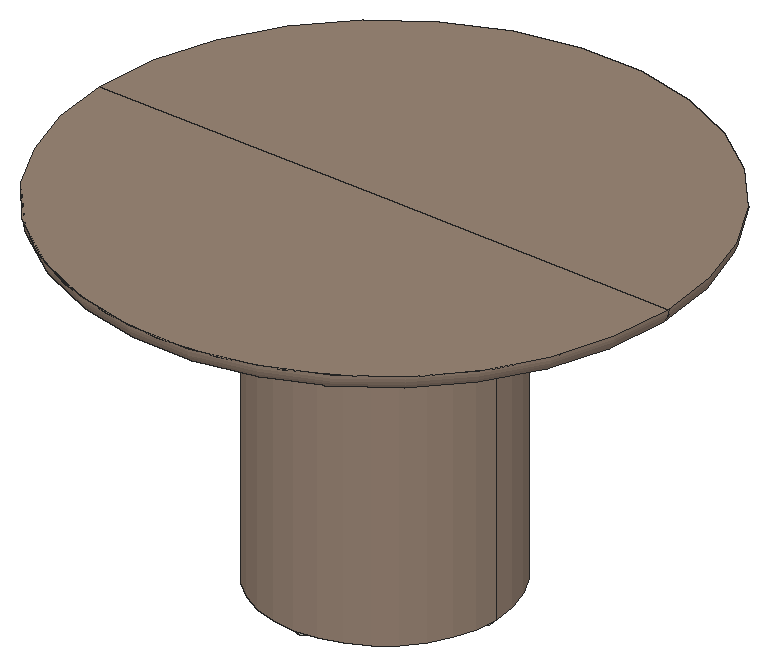
Revit family "Table-Teknion-CFRHBD_Figure_Table_Round_Drum_Base_Half_Bullnose_Edge-R2023", category Furniture, Revit 2023
Family settings
  OmniClass Number = 23.40.20.00
  OmniClass Title = General Furniture and Specialties
  Work Plane-Based = No
  Enable Cutting in Views = No
  Always vertical = Yes
  Cut with Voids When Loaded = No
  Render Appearance Source = Family Geometry
  Shared = Yes
  Room Calculation Point = No
Parameters (values of type "Figure Table, Round, Drum Base, Half Bullnose Edge")
  Width [instance] = 48.000"
  Warranty = "http://www.teknion.com/ca/papers/legal-canada"
  Unit Weight URL = "http://www.teknion.com/ca/tools/assets#&asset=bee6a381-b954-425e-8283-5a2de3a804f2,f828d448-4b62-4231-9e5f-9a8991c0ed77"
  URL = "www.teknion.com"
  Top Finish [instance] = Veneer -Teknion - UU - Rustic Oak - Sierra
  To render please download texture images found here [instance] = "https://assets.teknion.com/web/5e81352c1dfdb467/revit-material-swatches/"
  Sustainability Data = "https://www.teknion.com/ca/tools/assets#&topic=216f99a5-57a0-44fc-b10a-9dee9b29ae4c&asset=444deb64-fe58-4b68-981e-f75e97781df7,b4ff2d81-9f2e-437d-9659-7cffb09c31cf"
  Surface Power Access [instance] = if(Width > 75.000", "Select one option for surface power access. AB are not available for selected width.", if(Width = 48.000", "Only NN available for selected width.", "Select one option for surface power access. AF are not available for selected width."))  # "Only NN available for selected width."
  Series = "Custom Wood Boardroom & Reception Tables"  # constant formula
  Product Page URL = "https://www.teknion.com/ca/products/product-details?productLineId=f182336e-8e7a-673b-a6c8-ff00004460c4"
  Product Line = "Figure Table"  # constant formula
  Product Documentation Link = "https://d2r72yk5wmppdj.cloudfront.net/m/7b6608f508e3c5a8/Community_Table_Cut_Sheet.pdf"
  Part Number = "CFRHBD"  # constant formula
  NN - None [instance] = not((or([AB - 7" Compact Access Door], [AF - 12" Standard Access Door])))  # yes
  Model = "CFRHBD__"
  Manufacturer Phone = "416-661-3370"  # constant formula
  Manufacturer Fax = "416.661.4586"  # constant formula
  Manufacturer Contact Information = "http://www.teknion.com/ca/contactus"
  Manufacturer Address = "1150 Flint Road, Toronto, ON. M3J 2J5. Canada"  # constant formula
  Manufacturer = "Teknion"  # constant formula
  How To Use Teknion Materials User Guide [instance] = "https://assets.teknion.com/m/205dd0a49fa58060/original/How-to-add-a-Material-Library-and-Texture-Images-to-your-Revit-project.pdf"
  Glide Finish [instance] = Paint - Teknion - Foundation - Sand
  For Additional Finishes please visit [instance] = "https://assets.teknion.com/m/44a8009b046e5d47/original/Teknion_Materials_Library.zip"
  Dim 2 [instance] = if([2 - AB], 6.000", if(Width = 90.000", 15.000", if(Width = 84.000", 12.000", 9.000")))  # 9.000"
  Dim 1 [instance] = if((or(Width = 48.000", Width = 54.000")), 14.500", if((or(Width = 84.000", Width = 90.000")), 20.500", 17.500"))  # 14.500"
  Description = "Figure Table, Round, Drum Base, Half Bullnose Edge"
  Default Elevation = 0.000"
  Cut-Out - AF [instance] = if([AF - 12" Standard Access Door], 5.000", 0.300")  # 0.300"
  Cut-Out - AB 2 [instance] = if([2 - AB], 4.000", 0.300")  # 0.300"
  Cut-Out - AB 1 [instance] = if([1 - AB], 4.000", 0.300")  # 0.300"
  Base Finish [instance] = Veneer -Teknion - UU - Rustic Oak - Sierra
  Available Width [instance] = "48, 54, 60, 66, 72, 78, 84 & 90 Inch"  # constant formula
  Assembly Code = "E2020200"
  Access Door Finish [instance] = Paint - Teknion - Foundation - Sand
  AF - 12" Standard Access Door [instance] = no
  AB - 7" Compact Access Door [instance] = no
  2 - AB [instance] = and((or(Width = 66.000", Width = 72.000")), [AB - 7" Compact Access Door])  # no
  1 - AB [instance] = and((or(Width = 54.000", Width = 60.000")), [AB - 7" Compact Access Door])  # no
Reference planes (in)
  plane 1 "Center Front/Back": y = 0
  plane 2: z = 0
  plane 3 "Center Left/Right": x = 0
  plane 4 "Left": x = -24
  plane 5 "Right": x = 24
  plane 6 "Back": y = 24
  plane 7 "Front": y = -24
  plane 8 "Top": z = 29
  plane 9: y = 9
  plane 10: y = -9
  plane 11: z = 27.5
  plane 12: z = 26.75197
  plane 13: y = 9.5
  plane 14: y = -9.5
  plane 15: x = 9.5
  plane 16: x = -9.5
Forms (in)
  Revolve 1, solid, material "Veneer -Teknion - UU - Rustic Oak - Sierra" <- "Top Finish"
    sketch origin (0, 0, 0) x (1, 0, 0) y (0, 0, 1)
      loop
        line (0, 29) -> (0, 27.5) -> (22.5, 27.5)
        arc (22.5, 27.5) -> (23.56066, 27.93934) -> (24, 29) r 1.5
        line (24, 29) -> (0, 29)
      axis (0, 29) -> (0, 27.5)
    angle from 0 to 360
  Revolve 2, solid, material "Veneer -Teknion - UU - Rustic Oak - Sierra" <- "Top Finish"
    sketch origin (0, 0, 0) x (1, 0, 0) y (0, 0, 1)
      loop
        line (0, 27.5) -> (0, 26.75197) -> (16, 26.75197) -> (16, 27.5) -> (0, 27.5)
      axis (0, 27.5) -> (0, 26.75197)
    angle from 0 to 360
  Revolve 3, solid, material "Veneer -Teknion - UU - Rustic Oak - Sierra" <- "Base Finish"
    sketch origin (0, 0, 0) x (1, 0, 0) y (0, 0, 1)
      loop
        line (9.25, 26.75197) -> (9.25, 0.5) -> (9.5, 0.5) -> (9.5, 26.75197) -> (9.25, 26.75197)
      axis (0, 26.75197) -> (0, 0.5)
    angle from 0 to 360
  Revolve 4, solid, material "Veneer -Teknion - UU - Rustic Oak - Sierra" <- "Base Finish"
    sketch origin (0, 0, 0) x (1, 0, 0) y (0, 0, 1)
      loop
        line (5.25, 0.5) -> (9.25, 0.5) -> (9.25, 1.25) -> (5.25, 1.25) -> (5.25, 0.5)
      loop
        line (5.25, 13.25) -> (9.25, 13.25) -> (9.25, 14) -> (5.25, 14) -> (5.25, 13.25)
      loop
        line (5.25, 26) -> (9.25, 26) -> (9.25, 26.75) -> (5.25, 26.75) -> (5.25, 26)
      axis (0, 26.75) -> (0, 0.5)
    angle from 0 to 360
  Sweep 5, solid, material "Paint - Teknion - Foundation - Sand" <- "Glide Finish"
    path origin (0, 0, 0) x (1, 0, 0) y (0, 0, 1)
      loop
        line (0, 0.5) -> (0, 0.25)
    profile origin (0, 0, 0.375) x (0, -1, 0) y (1, 0, 0)
      loop
        line (-8.8125, 0.18042) -> (-8.8125, -0.18042) -> (-8.5, -0.36084) -> (-8.1875, -0.18042) -> (-8.1875, 0.18042) -> (-8.5, 0.36084) -> (-8.8125, 0.18042)
      loop
        line (8.1875, 0.18042) -> (8.1875, -0.18042) -> (8.5, -0.36084) -> (8.8125, -0.18042) -> (8.8125, 0.18042) -> (8.5, 0.36084) -> (8.1875, 0.18042)
      loop
        line (0.18042, -8.1875) -> (-0.18042, -8.1875) -> (-0.36084, -8.5) -> (-0.18042, -8.8125) -> (0.18042, -8.8125) -> (0.36084, -8.5) -> (0.18042, -8.1875)
      loop
        line (0.18042, 8.8125) -> (-0.18042, 8.8125) -> (-0.36084, 8.5) -> (-0.18042, 8.1875) -> (0.18042, 8.1875) -> (0.36084, 8.5) -> (0.18042, 8.8125)
  Sweep 6, solid, material "Paint - Teknion - Foundation - Sand" <- "Glide Finish"
    path origin (0, 0, 0) x (1, 0, 0) y (0, 0, 1)
      loop
        line (0, 0.25) -> (0, 0)
    profile origin (0, 0, 0.125) x (0, -1, 0) y (1, 0, 0)
      loop
        circle (0, -8.5) r 0.5
      loop
        circle (0, 8.5) r 0.5
      loop
        circle (-8.5, 0) r 0.5
      loop
        circle (8.5, 0) r 0.5
  Sweep 7, void
    path origin (0, 0, 0) x (1, 0, 0) y (0, 0, 1)
      loop
        line (0, 32.19606) -> (0, 32.49606)
    profile origin (0, 0, 32.34606) x (-1, 0, 0) y (0, -1, 0)
      loop
        line (-5.91732, 11.29921) -> (-5.91732, 6.70079)
        arc (-5.91732, 6.70079) -> (-5.80201, 6.4224) -> (-5.52362, 6.30709) r 0.3937
        line (-5.52362, 6.30709) -> (5.52362, 6.30709)
        arc (5.52362, 6.30709) -> (5.80201, 6.4224) -> (5.91732, 6.70079) r 0.3937
        line (5.91732, 6.70079) -> (5.91732, 11.29921)
        arc (5.91732, 11.29921) -> (5.80201, 11.5776) -> (5.52362, 11.69291) r 0.3937
        line (5.52362, 11.69291) -> (-5.52362, 11.69291)
        arc (-5.52362, 11.69291) -> (-5.80201, 11.5776) -> (-5.91732, 11.29921) r 0.3937
      loop
        line (-5.91732, -6.70079) -> (-5.91732, -11.29921)
        arc (-5.91732, -11.29921) -> (-5.80201, -11.5776) -> (-5.52362, -11.69291) r 0.3937
        line (-5.52362, -11.69291) -> (5.52362, -11.69291)
        arc (5.52362, -11.69291) -> (5.80201, -11.5776) -> (5.91732, -11.29921) r 0.3937
        line (5.91732, -11.29921) -> (5.91732, -6.70079)
        arc (5.91732, -6.70079) -> (5.80201, -6.4224) -> (5.52362, -6.30709) r 0.3937
        line (5.52362, -6.30709) -> (-5.52362, -6.30709)
        arc (-5.52362, -6.30709) -> (-5.80201, -6.4224) -> (-5.91732, -6.70079) r 0.3937
  Sweep 8, void
    path origin (0, 0, 0) x (1, 0, 0) y (0, 0, 1)
      loop
        line (0, 22.79606) -> (0, 22.49606)
    profile origin (0, 0, 22.64606) x (0, -1, 0) y (1, 0, 0)
      loop
        line (5.25, 8) -> (5.25, -8)
        arc (5.25, -8) -> (5.39645, -8.35355) -> (5.75, -8.5) r 0.5
        line (5.75, -8.5) -> (12.25, -8.5)
        arc (12.25, -8.5) -> (12.60355, -8.35355) -> (12.75, -8) r 0.5
        line (12.75, -8) -> (12.75, 8)
        arc (12.75, 8) -> (12.60355, 8.35355) -> (12.25, 8.5) r 0.5
        line (12.25, 8.5) -> (5.75, 8.5)
        arc (5.75, 8.5) -> (5.39645, 8.35355) -> (5.25, 8) r 0.5
      loop
        line (-5.25, -8) -> (-5.25, 8)
        arc (-5.25, 8) -> (-5.39645, 8.35355) -> (-5.75, 8.5) r 0.5
        line (-5.75, 8.5) -> (-12.25, 8.5)
        arc (-12.25, 8.5) -> (-12.60355, 8.35355) -> (-12.75, 8) r 0.5
        line (-12.75, 8) -> (-12.75, -8)
        arc (-12.75, -8) -> (-12.60355, -8.35355) -> (-12.25, -8.5) r 0.5
        line (-12.25, -8.5) -> (-5.75, -8.5)
        arc (-5.75, -8.5) -> (-5.39645, -8.35355) -> (-5.25, -8) r 0.5
  Sweep 9, void
    path origin (0, 0, 0) x (1, 0, 0) y (0, 0, 1)
      loop
        line (0, 31.2) -> (0, 31.5)
    profile origin (0, 0, 31.35) x (-1, 0, 0) y (0, -1, 0)
      loop
        line (3.00394, 2.69291) -> (-3.00394, 2.69291)
        arc (-3.00394, 2.69291) -> (-3.28233, 2.5776) -> (-3.39764, 2.29921) r 0.3937
        line (-3.39764, 2.29921) -> (-3.39764, -2.29921)
        arc (-3.39764, -2.29921) -> (-3.28233, -2.5776) -> (-3.00394, -2.69291) r 0.3937
        line (-3.00394, -2.69291) -> (3.00394, -2.69291)
        arc (3.00394, -2.69291) -> (3.28233, -2.5776) -> (3.39764, -2.29921) r 0.3937
        line (3.39764, -2.29921) -> (3.39764, 2.29921)
        arc (3.39764, 2.29921) -> (3.28233, 2.5776) -> (3.00394, 2.69291) r 0.3937
  Sweep 10, void
    path origin (0, 0, 0) x (1, 0, 0) y (0, 0, 1)
      loop
        line (0, 23.8) -> (0, 23.5)
    profile origin (0, 0, 23.65) x (0, -1, 0) y (1, 0, 0)
      loop
        arc (-3.25, 6) -> (-3.60355, 5.85355) -> (-3.75, 5.5) r 0.5
        line (-3.75, 5.5) -> (-3.75, -5.5)
        arc (-3.75, -5.5) -> (-3.60355, -5.85355) -> (-3.25, -6) r 0.5
        line (-3.25, -6) -> (3.25, -6)
        arc (3.25, -6) -> (3.60355, -5.85355) -> (3.75, -5.5) r 0.5
        line (3.75, -5.5) -> (3.75, 5.5)
        arc (3.75, 5.5) -> (3.60355, 5.85355) -> (3.25, 6) r 0.5
        line (3.25, 6) -> (-3.25, 6)
  Sweep 11, void
    path origin (0, 0, 0) x (1, 0, 0) y (0, 0, 1)
      loop
        line (0, 31.5) -> (0, 31.2)
    profile origin (0, 0, 31.35) x (0, -1, 0) y (1, 0, 0)
      loop
        line (6.30709, 3.00394) -> (6.30709, -3.00394)
        arc (6.30709, -3.00394) -> (6.4224, -3.28233) -> (6.70079, -3.39764) r 0.3937
        line (6.70079, -3.39764) -> (11.29921, -3.39764)
        arc (11.29921, -3.39764) -> (11.5776, -3.28233) -> (11.69291, -3.00394) r 0.3937
        line (11.69291, -3.00394) -> (11.69291, 3.00394)
        arc (11.69291, 3.00394) -> (11.5776, 3.28233) -> (11.29921, 3.39764) r 0.3937
        line (11.29921, 3.39764) -> (6.70079, 3.39764)
        arc (6.70079, 3.39764) -> (6.4224, 3.28233) -> (6.30709, 3.00394) r 0.3937
      loop
        arc (-6.30709, 3.00394) -> (-6.4224, 3.28233) -> (-6.70079, 3.39764) r 0.3937
        line (-6.70079, 3.39764) -> (-11.29921, 3.39764)
        arc (-11.29921, 3.39764) -> (-11.5776, 3.28233) -> (-11.69291, 3.00394) r 0.3937
        line (-11.69291, 3.00394) -> (-11.69291, -3.00394)
        arc (-11.69291, -3.00394) -> (-11.5776, -3.28233) -> (-11.29921, -3.39764) r 0.3937
        line (-11.29921, -3.39764) -> (-6.70079, -3.39764)
        arc (-6.70079, -3.39764) -> (-6.4224, -3.28233) -> (-6.30709, -3.00394) r 0.3937
        line (-6.30709, -3.00394) -> (-6.30709, 3.00394)
  Sweep 12, void
    path origin (0, 0, 0) x (1, 0, 0) y (0, 0, 1)
      loop
        line (0, 23.5) -> (0, 23.8)
    profile origin (0, 0, 23.65) x (-1, 0, 0) y (0, -1, 0)
      loop
        line (-6, 12.25) -> (-6, 5.75)
        arc (-6, 5.75) -> (-5.85355, 5.39645) -> (-5.5, 5.25) r 0.5
        line (-5.5, 5.25) -> (5.5, 5.25)
        arc (5.5, 5.25) -> (5.85355, 5.39645) -> (6, 5.75) r 0.5
        line (6, 5.75) -> (6, 12.25)
        arc (6, 12.25) -> (5.85355, 12.60355) -> (5.5, 12.75) r 0.5
        line (5.5, 12.75) -> (-5.5, 12.75)
        arc (-5.5, 12.75) -> (-5.85355, 12.60355) -> (-6, 12.25) r 0.5
      loop
        arc (-6, -12.25) -> (-5.85355, -12.60355) -> (-5.5, -12.75) r 0.5
        line (-5.5, -12.75) -> (5.5, -12.75)
        arc (5.5, -12.75) -> (5.85355, -12.60355) -> (6, -12.25) r 0.5
        line (6, -12.25) -> (6, -5.75)
        arc (6, -5.75) -> (5.85355, -5.39645) -> (5.5, -5.25) r 0.5
        line (5.5, -5.25) -> (-5.5, -5.25)
        arc (-5.5, -5.25) -> (-5.85355, -5.39645) -> (-6, -5.75) r 0.5
        line (-6, -5.75) -> (-6, -12.25)
Cuts and joins
  joined: Sweep 5, Sweep 6
  Sweep 7, Sweep 9, Sweep 11 cuts Revolve 1
  Sweep 8, Sweep 10, Sweep 12 cuts Revolve 2
  joined: Revolve 1, Revolve 2
Lines and regions (in)
  Masking region 1, visible <- "NN - None"
    outline origin (0, 0, 0) x (1, 0, 0) y (0, 1, 0)
      loop
        circle (0, 0) r 24
  Masking region 2, visible <- "1 - AB"
    outline origin (0, 0, 0) x (1, 0, 0) y (0, 1, 0)
      loop
        circle (0, 0) r 24
      loop
        arc (3.0315, 1.96727) -> (3.11414, 1.93304) -> (3.14837, 1.85039) r 0.11687
        line (3.14837, 1.85039) -> (3.14837, 1.55173) -> (3.22045, 1.55173) -> (3.22045, 2.28346)
        arc (3.22045, 2.28346) -> (3.15242, 2.4477) -> (2.98819, 2.51573) r 0.23226
        line (2.98819, 2.51573) -> (-2.98819, 2.51573)
        arc (-2.98819, 2.51573) -> (-3.15242, 2.4477) -> (-3.22045, 2.28346) r 0.23226
        line (-3.22045, 2.28346) -> (-3.22045, 1.55173) -> (-3.14837, 1.55173) -> (-3.14837, 1.85039)
        arc (-3.14837, 1.85039) -> (-3.11414, 1.93304) -> (-3.0315, 1.96727) r 0.11687
        line (-3.0315, 1.96727) -> (3.0315, 1.96727)
      loop
        arc (-3.0315, -1.96727) -> (-3.11414, -1.93304) -> (-3.14837, -1.85039) r 0.11687
        line (-3.14837, -1.85039) -> (-3.14837, -1.55173) -> (-3.22045, -1.55173) -> (-3.22045, -2.28346)
        arc (-3.22045, -2.28346) -> (-3.15242, -2.4477) -> (-2.98819, -2.51573) r 0.23226
        line (-2.98819, -2.51573) -> (2.98819, -2.51573)
        arc (2.98819, -2.51573) -> (3.15242, -2.4477) -> (3.22045, -2.28346) r 0.23226
        line (3.22045, -2.28346) -> (3.22045, -1.55173) -> (3.14837, -1.55173) -> (3.14837, -1.85039)
        arc (3.14837, -1.85039) -> (3.11414, -1.93304) -> (3.0315, -1.96727) r 0.11687
        line (3.0315, -1.96727) -> (-3.0315, -1.96727)
  Masking region 3, visible <- "AF - 12" Standard Access Door"
    outline origin (0, 0, 0) x (1, 0, 0) y (0, 1, 0)
      loop
        circle (0, 0) r 24
      loop
        arc (-5.55118, -10.96727) -> (-5.63382, -10.93304) -> (-5.66805, -10.85039) r 0.11687
        line (-5.66805, -10.85039) -> (-5.66805, -10.55173) -> (-5.74014, -10.55173) -> (-5.74014, -11.28346)
        arc (-5.74014, -11.28346) -> (-5.67211, -11.4477) -> (-5.50787, -11.51573) r 0.23226
        line (-5.50787, -11.51573) -> (5.50787, -11.51573)
        arc (5.50787, -11.51573) -> (5.67211, -11.4477) -> (5.74014, -11.28346) r 0.23226
        line (5.74014, -11.28346) -> (5.74014, -10.55173) -> (5.66805, -10.55173) -> (5.66805, -10.85039)
        arc (5.66805, -10.85039) -> (5.63382, -10.93304) -> (5.55118, -10.96727) r 0.11687
        line (5.55118, -10.96727) -> (-5.55118, -10.96727)
      loop
        arc (-5.50787, -6.48427) -> (-5.67211, -6.5523) -> (-5.74014, -6.71654) r 0.23226
        line (-5.74014, -6.71654) -> (-5.74014, -7.44827) -> (-5.66805, -7.44827) -> (-5.66805, -7.14961)
        arc (-5.66805, -7.14961) -> (-5.63382, -7.06696) -> (-5.55118, -7.03273) r 0.11687
        line (-5.55118, -7.03273) -> (5.55118, -7.03273)
        arc (5.55118, -7.03273) -> (5.63382, -7.06696) -> (5.66805, -7.14961) r 0.11687
        line (5.66805, -7.14961) -> (5.66805, -7.44827) -> (5.74014, -7.44827) -> (5.74014, -6.71654)
        arc (5.74014, -6.71654) -> (5.67211, -6.5523) -> (5.50787, -6.48427) r 0.23226
        line (5.50787, -6.48427) -> (-5.50787, -6.48427)
      loop
        arc (5.55118, 10.96727) -> (5.63382, 10.93304) -> (5.66805, 10.85039) r 0.11687
        line (5.66805, 10.85039) -> (5.66805, 10.55173) -> (5.74014, 10.55173) -> (5.74014, 11.28346)
        arc (5.74014, 11.28346) -> (5.67211, 11.4477) -> (5.50787, 11.51573) r 0.23226
        line (5.50787, 11.51573) -> (-5.50787, 11.51573)
        arc (-5.50787, 11.51573) -> (-5.67211, 11.4477) -> (-5.74014, 11.28346) r 0.23226
        line (-5.74014, 11.28346) -> (-5.74014, 10.55173) -> (-5.66805, 10.55173) -> (-5.66805, 10.85039)
        arc (-5.66805, 10.85039) -> (-5.63382, 10.93304) -> (-5.55118, 10.96727) r 0.11687
        line (-5.55118, 10.96727) -> (5.55118, 10.96727)
      loop
        arc (-5.55118, 7.03273) -> (-5.63382, 7.06696) -> (-5.66805, 7.14961) r 0.11687
        line (-5.66805, 7.14961) -> (-5.66805, 7.44827) -> (-5.74014, 7.44827) -> (-5.74014, 6.71654)
        arc (-5.74014, 6.71654) -> (-5.67211, 6.5523) -> (-5.50787, 6.48427) r 0.23226
        line (-5.50787, 6.48427) -> (5.50787, 6.48427)
        arc (5.50787, 6.48427) -> (5.67211, 6.5523) -> (5.74014, 6.71654) r 0.23226
        line (5.74014, 6.71654) -> (5.74014, 7.44827) -> (5.66805, 7.44827) -> (5.66805, 7.14961)
        arc (5.66805, 7.14961) -> (5.63382, 7.06696) -> (5.55118, 7.03273) r 0.11687
        line (5.55118, 7.03273) -> (-5.55118, 7.03273)
  Masking region 4, visible <- "2 - AB"
    outline origin (0, 0, 0) x (1, 0, 0) y (0, 1, 0)
      loop
        circle (0, 0) r 24
      loop
        arc (3.0315, 10.96727) -> (3.11414, 10.93304) -> (3.14837, 10.85039) r 0.11687
        line (3.14837, 10.85039) -> (3.14837, 10.55173) -> (3.22045, 10.55173) -> (3.22045, 11.28346)
        arc (3.22045, 11.28346) -> (3.15242, 11.4477) -> (2.98819, 11.51573) r 0.23226
        line (2.98819, 11.51573) -> (-2.98819, 11.51573)
        arc (-2.98819, 11.51573) -> (-3.15242, 11.4477) -> (-3.22045, 11.28346) r 0.23226
        line (-3.22045, 11.28346) -> (-3.22045, 10.55173) -> (-3.14837, 10.55173) -> (-3.14837, 10.85039)
        arc (-3.14837, 10.85039) -> (-3.11414, 10.93304) -> (-3.0315, 10.96727) r 0.11687
        line (-3.0315, 10.96727) -> (3.0315, 10.96727)
      loop
        arc (-3.0315, 7.03273) -> (-3.11414, 7.06696) -> (-3.14837, 7.14961) r 0.11687
        line (-3.14837, 7.14961) -> (-3.14837, 7.44827) -> (-3.22045, 7.44827) -> (-3.22045, 6.71654)
        arc (-3.22045, 6.71654) -> (-3.15242, 6.5523) -> (-2.98819, 6.48427) r 0.23226
        line (-2.98819, 6.48427) -> (2.98819, 6.48427)
        arc (2.98819, 6.48427) -> (3.15242, 6.5523) -> (3.22045, 6.71654) r 0.23226
        line (3.22045, 6.71654) -> (3.22045, 7.44827) -> (3.14837, 7.44827) -> (3.14837, 7.14961)
        arc (3.14837, 7.14961) -> (3.11414, 7.06696) -> (3.0315, 7.03273) r 0.11687
        line (3.0315, 7.03273) -> (-3.0315, 7.03273)
      loop
        arc (3.0315, -7.03273) -> (3.11414, -7.06696) -> (3.14837, -7.14961) r 0.11687
        line (3.14837, -7.14961) -> (3.14837, -7.44827) -> (3.22045, -7.44827) -> (3.22045, -6.71654)
        arc (3.22045, -6.71654) -> (3.15242, -6.5523) -> (2.98819, -6.48427) r 0.23226
        line (2.98819, -6.48427) -> (-2.98819, -6.48427)
        arc (-2.98819, -6.48427) -> (-3.15242, -6.5523) -> (-3.22045, -6.71654) r 0.23226
        line (-3.22045, -6.71654) -> (-3.22045, -7.44827) -> (-3.14837, -7.44827) -> (-3.14837, -7.14961)
        arc (-3.14837, -7.14961) -> (-3.11414, -7.06696) -> (-3.0315, -7.03273) r 0.11687
        line (-3.0315, -7.03273) -> (3.0315, -7.03273)
      loop
        arc (-3.0315, -10.96727) -> (-3.11414, -10.93304) -> (-3.14837, -10.85039) r 0.11687
        line (-3.14837, -10.85039) -> (-3.14837, -10.55173) -> (-3.22045, -10.55173) -> (-3.22045, -11.28346)
        arc (-3.22045, -11.28346) -> (-3.15242, -11.4477) -> (-2.98819, -11.51573) r 0.23226
        line (-2.98819, -11.51573) -> (2.98819, -11.51573)
        arc (2.98819, -11.51573) -> (3.15242, -11.4477) -> (3.22045, -11.28346) r 0.23226
        line (3.22045, -11.28346) -> (3.22045, -10.55173) -> (3.14837, -10.55173) -> (3.14837, -10.85039)
        arc (3.14837, -10.85039) -> (3.11414, -10.93304) -> (3.0315, -10.96727) r 0.11687
        line (3.0315, -10.96727) -> (-3.0315, -10.96727)
  symbolic lines
    curve 1: line (0, -109.46563, 26.75197) -> (0, -109.46563, 30.75197)
    curve 2: line (0, -117.46563, 29) -> (0, -117.46563, 31.25)
  symbolic lines, style "FurnitureHiddenLines", visible <- "1 - AB", detail levels fine
    curve 3: line (5.5, 3.75, 0) -> (-5.5, 3.75, 0)
    curve 4: arc (-5.5, 3.75, 0) -> (-5.85355, 3.60355, 0) -> (-6, 3.25, 0) r 0.5
    curve 5: line (-6, 3.25, 0) -> (-6, -3.25, 0)
    curve 6: arc (-6, -3.25, 0) -> (-5.85355, -3.60355, 0) -> (-5.5, -3.75, 0) r 0.5
    curve 7: line (-5.5, -3.75, 0) -> (5.5, -3.75, 0)
    curve 8: arc (5.5, -3.75, 0) -> (5.85355, -3.60355, 0) -> (6, -3.25, 0) r 0.5
    curve 9: line (6, -3.25, 0) -> (6, 3.25, 0)
    curve 10: arc (6, 3.25, 0) -> (5.85355, 3.60355, 0) -> (5.5, 3.75, 0) r 0.5
    curve 11: line (3.00394, 2.69291, 0) -> (-3.00394, 2.69291, 0)
    curve 12: arc (-3.00394, 2.69291, 0) -> (-3.28233, 2.5776, 0) -> (-3.39764, 2.29921, 0) r 0.3937
    curve 13: line (-3.39764, 2.29921, 0) -> (-3.39764, -2.29921, 0)
    curve 14: arc (-3.39764, -2.29921, 0) -> (-3.28233, -2.5776, 0) -> (-3.00394, -2.69291, 0) r 0.3937
    curve 15: line (-3.00394, -2.69291, 0) -> (3.00394, -2.69291, 0)
    curve 16: arc (3.00394, -2.69291, 0) -> (3.28233, -2.5776, 0) -> (3.39764, -2.29921, 0) r 0.3937
    curve 17: line (3.39764, -2.29921, 0) -> (3.39764, 2.29921, 0)
    curve 18: arc (3.39764, 2.29921, 0) -> (3.28233, 2.5776, 0) -> (3.00394, 2.69291, 0) r 0.3937
  symbolic lines, style "FurnitureHiddenLines", visible <- "AF - 12" Standard Access Door", detail levels fine
    curve 19: line (-8, -12.75, 0) -> (8, -12.75, 0)
    curve 20: arc (8, -12.75, 0) -> (8.35355, -12.60355, 0) -> (8.5, -12.25, 0) r 0.5
    curve 21: line (8.5, -12.25, 0) -> (8.5, -5.75, 0)
    curve 22: arc (8.5, -5.75, 0) -> (8.35355, -5.39645, 0) -> (8, -5.25, 0) r 0.5
    curve 23: line (8, -5.25, 0) -> (-8, -5.25, 0)
    curve 24: arc (-8, -5.25, 0) -> (-8.35355, -5.39645, 0) -> (-8.5, -5.75, 0) r 0.5
    curve 25: line (-8.5, -5.75, 0) -> (-8.5, -12.25, 0)
    curve 26: arc (-8.5, -12.25, 0) -> (-8.35355, -12.60355, 0) -> (-8, -12.75, 0) r 0.5
    curve 27: line (5.52362, -6.30709, 0) -> (-5.52362, -6.30709, 0)
    curve 28: arc (-5.52362, -6.30709, 0) -> (-5.80201, -6.4224, 0) -> (-5.91732, -6.70079, 0) r 0.3937
    curve 29: line (-5.91732, -6.70079, 0) -> (-5.91732, -11.29921, 0)
    curve 30: arc (-5.91732, -11.29921, 0) -> (-5.80201, -11.5776, 0) -> (-5.52362, -11.69291, 0) r 0.3937
    curve 31: line (-5.52362, -11.69291, 0) -> (5.52362, -11.69291, 0)
    curve 32: arc (5.52362, -11.69291, 0) -> (5.80201, -11.5776, 0) -> (5.91732, -11.29921, 0) r 0.3937
    curve 33: line (5.91732, -11.29921, 0) -> (5.91732, -6.70079, 0)
    curve 34: arc (5.91732, -6.70079, 0) -> (5.80201, -6.4224, 0) -> (5.52362, -6.30709, 0) r 0.3937
    curve 35: line (-8, 5.25, 0) -> (8, 5.25, 0)
    curve 36: arc (8, 5.25, 0) -> (8.35355, 5.39645, 0) -> (8.5, 5.75, 0) r 0.5
    curve 37: line (8.5, 5.75, 0) -> (8.5, 12.25, 0)
    curve 38: arc (8.5, 12.25, 0) -> (8.35355, 12.60355, 0) -> (8, 12.75, 0) r 0.5
    curve 39: line (8, 12.75, 0) -> (-8, 12.75, 0)
    curve 40: arc (-8, 12.75, 0) -> (-8.35355, 12.60355, 0) -> (-8.5, 12.25, 0) r 0.5
    curve 41: line (-8.5, 12.25, 0) -> (-8.5, 5.75, 0)
    curve 42: arc (-8.5, 5.75, 0) -> (-8.35355, 5.39645, 0) -> (-8, 5.25, 0) r 0.5
    curve 43: line (-5.52362, 6.30709, 0) -> (5.52362, 6.30709, 0)
    curve 44: arc (5.52362, 6.30709, 0) -> (5.80201, 6.4224, 0) -> (5.91732, 6.70079, 0) r 0.3937
    curve 45: line (5.91732, 6.70079, 0) -> (5.91732, 11.29921, 0)
    curve 46: arc (5.91732, 11.29921, 0) -> (5.80201, 11.5776, 0) -> (5.52362, 11.69291, 0) r 0.3937
    curve 47: line (5.52362, 11.69291, 0) -> (-5.52362, 11.69291, 0)
    curve 48: arc (-5.52362, 11.69291, 0) -> (-5.80201, 11.5776, 0) -> (-5.91732, 11.29921, 0) r 0.3937
    curve 49: line (-5.91732, 11.29921, 0) -> (-5.91732, 6.70079, 0)
    curve 50: arc (-5.91732, 6.70079, 0) -> (-5.80201, 6.4224, 0) -> (-5.52362, 6.30709, 0) r 0.3937
  symbolic lines, style "FurnitureHiddenLines", detail levels medium+fine
    curve 51: arc (16, 0, 0) -> (0, 16, 0) -> (-16, 0, 0) r 16
    curve 52: arc (-16, 0, 0) -> (0, -16, 0) -> (16, 0, 0) r 16
    curve 53: arc (9.5, 0, 0) -> (0, 9.5, 0) -> (-9.5, 0, 0) r 9.5
    curve 54: arc (9.25, 0, 0) -> (0, 9.25, 0) -> (-9.25, 0, 0) r 9.25
    curve 55: arc (-9.25, 0, 0) -> (0, -9.25, 0) -> (9.25, 0, 0) r 9.25
    curve 56: arc (-9.5, 0, 0) -> (0, -9.5, 0) -> (9.5, 0, 0) r 9.5
    curve 57: arc (5.25, 0, 0) -> (0, 5.25, 0) -> (-5.25, 0, 0) r 5.25
    curve 58: arc (-5.25, 0, 0) -> (0, -5.25, 0) -> (5.25, 0, 0) r 5.25
  symbolic lines, style "FurnitureHiddenLines", detail levels fine
    curve 59: arc (-8, 0, 0) -> (-8.5, 0.5, 0) -> (-9, 0, 0) r 0.5
    curve 60: arc (-9, 0, 0) -> (-8.5, -0.5, 0) -> (-8, 0, 0) r 0.5
    curve 61: arc (9, 0, 0) -> (8.5, 0.5, 0) -> (8, 0, 0) r 0.5
    curve 62: arc (8, 0, 0) -> (8.5, -0.5, 0) -> (9, 0, 0) r 0.5
    curve 63: arc (0, -9, 0) -> (0.5, -8.5, 0) -> (0, -8, 0) r 0.5
    curve 64: arc (0, -8, 0) -> (-0.5, -8.5, 0) -> (0, -9, 0) r 0.5
    curve 65: arc (0, 8, 0) -> (0.5, 8.5, 0) -> (0, 9, 0) r 0.5
    curve 66: arc (0, 9, 0) -> (-0.5, 8.5, 0) -> (0, 8, 0) r 0.5
  reference lines
    curve 67: line (-24, 24, 0) -> (24, 24, 0)
    curve 68: line (24, 24, 0) -> (24, -24, 0)
    curve 69: line (-24, -24, 0) -> (24, -24, 0)
    curve 70: line (-24, 24, 0) -> (-24, -24, 0)
  symbolic lines, style "FurnitureHiddenLines", visible <- "2 - AB", detail levels fine
    curve 71: line (-6, 12.25, 0) -> (-6, 5.75, 0)
    curve 72: arc (-6, 5.75, 0) -> (-5.85355, 5.39645, 0) -> (-5.5, 5.25, 0) r 0.5
    curve 73: line (-5.5, 5.25, 0) -> (5.5, 5.25, 0)
    curve 74: arc (5.5, 5.25, 0) -> (5.85355, 5.39645, 0) -> (6, 5.75, 0) r 0.5
    curve 75: line (6, 5.75, 0) -> (6, 12.25, 0)
    curve 76: arc (6, 12.25, 0) -> (5.85355, 12.60355, 0) -> (5.5, 12.75, 0) r 0.5
    curve 77: line (5.5, 12.75, 0) -> (-5.5, 12.75, 0)
    curve 78: arc (-5.5, 12.75, 0) -> (-5.85355, 12.60355, 0) -> (-6, 12.25, 0) r 0.5
    curve 79: line (-3.39764, 11.29921, 0) -> (-3.39764, 6.70079, 0)
    curve 80: arc (-3.39764, 6.70079, 0) -> (-3.28233, 6.4224, 0) -> (-3.00394, 6.30709, 0) r 0.3937
    curve 81: line (-3.00394, 6.30709, 0) -> (3.00394, 6.30709, 0)
    curve 82: arc (3.00394, 6.30709, 0) -> (3.28233, 6.4224, 0) -> (3.39764, 6.70079, 0) r 0.3937
    curve 83: line (3.39764, 6.70079, 0) -> (3.39764, 11.29921, 0)
    curve 84: arc (3.39764, 11.29921, 0) -> (3.28233, 11.5776, 0) -> (3.00394, 11.69291, 0) r 0.3937
    curve 85: line (3.00394, 11.69291, 0) -> (-3.00394, 11.69291, 0)
    curve 86: arc (-3.00394, 11.69291, 0) -> (-3.28233, 11.5776, 0) -> (-3.39764, 11.29921, 0) r 0.3937
    curve 87: line (-3.39764, -6.70079, 0) -> (-3.39764, -11.29921, 0)
    curve 88: arc (-3.39764, -11.29921, 0) -> (-3.28233, -11.5776, 0) -> (-3.00394, -11.69291, 0) r 0.3937
    curve 89: line (-3.00394, -11.69291, 0) -> (3.00394, -11.69291, 0)
    curve 90: arc (3.00394, -11.69291, 0) -> (3.28233, -11.5776, 0) -> (3.39764, -11.29921, 0) r 0.3937
    curve 91: line (3.39764, -11.29921, 0) -> (3.39764, -6.70079, 0)
    curve 92: arc (3.39764, -6.70079, 0) -> (3.28233, -6.4224, 0) -> (3.00394, -6.30709, 0) r 0.3937
    curve 93: line (3.00394, -6.30709, 0) -> (-3.00394, -6.30709, 0)
    curve 94: arc (-3.00394, -6.30709, 0) -> (-3.28233, -6.4224, 0) -> (-3.39764, -6.70079, 0) r 0.3937
    curve 95: line (6, -12.25, 0) -> (6, -5.75, 0)
    curve 96: arc (6, -5.75, 0) -> (5.85355, -5.39645, 0) -> (5.5, -5.25, 0) r 0.5
    curve 97: line (5.5, -5.25, 0) -> (-5.5, -5.25, 0)
    curve 98: arc (-5.5, -5.25, 0) -> (-5.85355, -5.39645, 0) -> (-6, -5.75, 0) r 0.5
    curve 99: line (-6, -5.75, 0) -> (-6, -12.25, 0)
    curve 100: arc (-6, -12.25, 0) -> (-5.85355, -12.60355, 0) -> (-5.5, -12.75, 0) r 0.5
    curve 101: line (-5.5, -12.75, 0) -> (5.5, -12.75, 0)
    curve 102: arc (5.5, -12.75, 0) -> (5.85355, -12.60355, 0) -> (6, -12.25, 0) r 0.5
Dimensions and locks (in)
  "Width": plane 4 "Left" to plane 5 "Right"
  "Width": plane 6 "Back" to plane 7 "Front"
  locked: plane 8 "Top" to level at 29
  equal spacing: plane 6 "Back", plane 1 "Center Front/Back", plane 7 "Front"
  equal spacing: plane 4 "Left", plane 3 "Center Left/Right", plane 5 "Right"
  "Dim 2": plane 9 to plane 1 "Center Front/Back"
  "Dim 2": plane 10 to plane 1 "Center Front/Back"
  plane 8 "Top" to plane 11 to plane 12 = 1.500" locked, 0.74803" locked
  locked: Revolve 1 sketch curve to plane 5 "Right" at 1.5
  curve 2 to curve 1 = 8.000"
  locked: Revolve 2 sketch curve to plane 5 "Right" at 8
  "Dim 1": plane 6 "Back" to plane 13
  "Dim 1": plane 7 "Front" to plane 14
  "Dim 1": plane 4 "Left" to plane 16
  "Dim 1": plane 15 to plane 5 "Right"
  locked: plane 15 to Revolve 3 sketch curve at 0.25
  locked: Revolve 3 sketch curve to plane 2 at 0.5
  locked: plane 15 to Revolve 4 sketch curve at 0.25
  locked: plane 15 to Revolve 4 sketch curve at 4.25
  Revolve 4 sketch curve to Revolve 4 sketch curve to plane 2 = 0.750" locked, 0.500" locked
  Revolve 4 sketch curve to Revolve 4 sketch curve to plane 2 = 0.750" locked, 13.250" locked
  Revolve 4 sketch curve to Revolve 4 sketch curve to plane 2 = 0.750" locked, 26.000" locked
  Sweep 5 sketch curve to Sweep 5 sketch curve to plane 2 = 0.250" locked, 0.250" locked
  plane 13 to Sweep 5 sketch curve to Sweep 5 sketch curve to Sweep 5 sketch curve to Sweep 5 sketch curve = 0.6875" locked, 0.3125" locked, 0.000" locked, 0.3125" locked
  Sweep 5 sketch curve to Sweep 5 sketch curve to Sweep 5 sketch curve to plane 3 "Center Left/Right" to Sweep 5 sketch curve to Sweep 5 sketch curve to Sweep 5 sketch curve = 0.18042" locked, 0.000" locked, 0.18042" locked, 0.18042" locked, 0.000" locked, 0.18042" locked  (x2)
  plane 14 to Sweep 5 sketch curve to Sweep 5 sketch curve to Sweep 5 sketch curve to Sweep 5 sketch curve = 0.6875" locked, 0.3125" locked, 0.000" locked, 0.3125" locked
  plane 16 to Sweep 5 sketch curve to Sweep 5 sketch curve to Sweep 5 sketch curve to Sweep 5 sketch curve = 0.6875" locked, 0.3125" locked, 0.000" locked, 0.3125" locked
  Sweep 5 sketch curve to Sweep 5 sketch curve to Sweep 5 sketch curve to Sweep 5 sketch curve to plane 15 = 0.3125" locked, 0.000" locked, 0.3125" locked, 0.6875" locked
  Sweep 5 sketch curve to Sweep 5 sketch curve to Sweep 5 sketch curve to plane 1 "Center Front/Back" to Sweep 5 sketch curve to Sweep 5 sketch curve to Sweep 5 sketch curve = 0.18042" locked, 0.000" locked, 0.18042" locked, 0.18042" locked, 0.000" locked, 0.18042" locked  (x2)
  locked: Sweep 6 sketch curve to plane 2 at 0.25
  locked: plane 13 to Sweep 6 sketch curve at 1
  locked: Sweep 6 sketch curve to plane 15 at 1
  locked: plane 14 to Sweep 6 sketch curve at 1
  locked: plane 16 to Sweep 6 sketch curve at 1
  locked: Sweep 7 sketch curve to plane 8 "Top" at 3.49606
  "Cut-Out - AF": Sweep 7 sketch curve to Sweep 7 sketch curve
  Sweep 7 sketch curve to Sweep 7 sketch curve to nested 2 to Sweep 7 sketch curve to Sweep 7 sketch curve = 0.3937" locked, 5.52362" locked, 5.52362" locked, 0.3937" locked
  Sweep 7 sketch curve to Sweep 7 sketch curve to nested 2 to Sweep 7 sketch curve to Sweep 7 sketch curve = 0.3937" locked, 2.29921" locked, 2.29921" locked, 0.3937" locked
  Sweep 7 sketch curve to Sweep 7 sketch curve to plane 10 to Sweep 7 sketch curve to Sweep 7 sketch curve = 0.3937" locked, 2.29921" locked, 2.29921" locked, 0.3937" locked
  Sweep 7 sketch curve to Sweep 7 sketch curve to plane 3 "Center Left/Right" to Sweep 7 sketch curve to Sweep 7 sketch curve = 0.3937" locked, 5.52362" locked, 5.52362" locked, 0.3937" locked
  "Cut-Out - AF": Sweep 8 sketch curve to Sweep 8 sketch curve
  locked: plane 12 to Sweep 8 sketch curve at 4.25591
  Sweep 8 sketch curve to Sweep 8 sketch curve to plane 10 to Sweep 8 sketch curve to Sweep 8 sketch curve = 0.500" locked, 3.250" locked, 3.250" locked, 0.500" locked
  Sweep 8 sketch curve to Sweep 8 sketch curve to plane 3 "Center Left/Right" to Sweep 8 sketch curve to Sweep 8 sketch curve = 0.500" locked, 8.000" locked, 8.000" locked, 0.500" locked  (x2)
  Sweep 8 sketch curve to Sweep 8 sketch curve to plane 9 to Sweep 8 sketch curve to Sweep 8 sketch curve = 0.500" locked, 3.250" locked, 3.250" locked, 0.500" locked
  "Cut-Out - AB 1": Sweep 9 sketch curve to Sweep 9 sketch curve
  locked: Sweep 9 sketch curve to plane 8 "Top" at 2.5
  Sweep 9 sketch curve to Sweep 9 sketch curve to plane 1 "Center Front/Back" to Sweep 9 sketch curve to Sweep 9 sketch curve = 0.3937" locked, 2.29921" locked, 2.29921" locked, 0.3937" locked
  Sweep 9 sketch curve to Sweep 9 sketch curve to plane 3 "Center Left/Right" to Sweep 9 sketch curve to Sweep 9 sketch curve = 0.3937" locked, 3.00394" locked, 3.00394" locked, 0.3937" locked
  locked: plane 12 to Sweep 10 sketch curve at 3.25197
  "Cut-Out - AB 1": Sweep 10 sketch curve to Sweep 10 sketch curve
  Sweep 10 sketch curve to Sweep 10 sketch curve to plane 1 "Center Front/Back" to Sweep 10 sketch curve to Sweep 10 sketch curve = 0.500" locked, 3.250" locked, 3.250" locked, 0.500" locked
  Sweep 10 sketch curve to Sweep 10 sketch curve to plane 3 "Center Left/Right" to Sweep 10 sketch curve to Sweep 10 sketch curve = 0.500" locked, 5.500" locked, 5.500" locked, 0.500" locked
  "Cut-Out - AB 2": Sweep 11 sketch curve to Sweep 11 sketch curve
  locked: Sweep 11 sketch curve to plane 8 "Top" at 2.5
  Sweep 11 sketch curve to Sweep 11 sketch curve to plane 9 to Sweep 11 sketch curve to Sweep 11 sketch curve = 0.3937" locked, 2.29921" locked, 2.29921" locked, 0.3937" locked
  Sweep 11 sketch curve to Sweep 11 sketch curve to plane 10 to Sweep 11 sketch curve to Sweep 11 sketch curve = 0.3937" locked, 2.29921" locked, 2.29921" locked, 0.3937" locked
  Sweep 11 sketch curve to Sweep 11 sketch curve to plane 3 "Center Left/Right" to Sweep 11 sketch curve to Sweep 11 sketch curve = 0.3937" locked, 3.00394" locked, 3.00394" locked, 0.3937" locked  (x2)
  locked: plane 12 to Sweep 12 sketch curve at 3.25197
  "Cut-Out - AB 2": Sweep 12 sketch curve to Sweep 12 sketch curve
  Sweep 12 sketch curve to Sweep 12 sketch curve to plane 3 "Center Left/Right" to Sweep 12 sketch curve to Sweep 12 sketch curve = 0.500" locked, 5.500" locked, 5.500" locked, 0.500" locked  (x2)
  Sweep 12 sketch curve to Sweep 12 sketch curve to plane 10 to Sweep 12 sketch curve to Sweep 12 sketch curve = 0.500" locked, 3.250" locked, 3.250" locked, 0.500" locked
  Sweep 12 sketch curve to Sweep 12 sketch curve to plane 9 to Sweep 12 sketch curve to Sweep 12 sketch curve = 0.500" locked, 3.250" locked, 3.250" locked, 0.500" locked
  aligned and locked: level to plane 2
  aligned and locked: Revolve 1 sketch curve to plane 8 "Top"
  aligned and locked: Revolve 1 sketch curve to plane 3 "Center Left/Right"  (x2)
  aligned and locked: plane 11 to Revolve 1 sketch curve
  aligned and locked: plane 8 "Top" to Revolve 1 sketch curve
  aligned and locked: Revolve 2 sketch curve to plane 11
  aligned and locked: plane 12 to Revolve 2 sketch curve
  aligned and locked: plane 3 "Center Left/Right" to Revolve 2 sketch curve
  aligned and locked: Revolve 2 sketch curve to plane 3 "Center Left/Right"
  aligned and locked: Revolve 3 sketch curve to plane 15
  aligned and locked: Revolve 3 sketch curve to plane 12
  aligned and locked: Revolve 3 sketch curve to plane 3 "Center Left/Right"
  aligned and locked: Revolve 4 sketch curve to Revolve 4 sketch curve  (x4)
  aligned and locked: Revolve 4 sketch curve to plane 3 "Center Left/Right"
  aligned and locked: Sweep 5 sketch curve to plane 3 "Center Left/Right"
  aligned and locked: Sweep 6 sketch curve to plane 3 "Center Left/Right"
  aligned and locked: plane 2 to Sweep 6 sketch curve
  aligned and locked: plane 1 "Center Front/Back" to Sweep 6 sketch curve  (x2)
  aligned and locked: plane 3 "Center Left/Right" to Sweep 6 sketch curve  (x2)
  aligned and locked: plane 10 to nested 3
  aligned and locked: plane 3 "Center Left/Right" to nested 3
  aligned and locked: nested 2 to plane 9
  aligned and locked: plane 3 "Center Left/Right" to nested 2
  aligned and locked: plane 1 "Center Front/Back" to nested 1
  aligned and locked: plane 3 "Center Left/Right" to nested 1
  aligned and locked: plane 3 "Center Left/Right" to Sweep 7 sketch curve
  aligned and locked: plane 8 "Top" to nested 3
  aligned and locked: plane 8 "Top" to nested 2
  aligned and locked: plane 8 "Top" to nested 1
  aligned and locked: Sweep 8 sketch curve to plane 3 "Center Left/Right"
  aligned and locked: plane 3 "Center Left/Right" to Sweep 9 sketch curve
  aligned and locked: Sweep 10 sketch curve to plane 3 "Center Left/Right"
  aligned and locked: Masking region 1 sketch curve to cut or joined group of Revolve 1, Revolve 2, Sweep 7, Sweep 8, Sweep 9, Sweep 10, Sweep 11, Sweep 12  (x2)
  aligned and locked: Masking region 2 sketch curve to cut or joined group of Revolve 1, Revolve 2, Sweep 7, Sweep 8, Sweep 9, Sweep 10, Sweep 11, Sweep 12  (x2)
  aligned and locked: nested 1 to Masking region 2 sketch curve  (x5)
  aligned and locked: Masking region 2 sketch curve to nested 1  (x9)
  aligned and locked: Masking region 3 sketch curve to cut or joined group of Revolve 1, Revolve 2, Sweep 7, Sweep 8, Sweep 9, Sweep 10, Sweep 11, Sweep 12  (x2)
  aligned and locked: nested 3 to Masking region 3 sketch curve  (x7)
  aligned and locked: Masking region 3 sketch curve to nested 3  (x9)
  aligned and locked: nested 2 to Masking region 3 sketch curve  (x5)
  aligned and locked: Masking region 3 sketch curve to nested 2  (x10)
  aligned and locked: curve 4 to Sweep 10
  aligned and locked: curve 6 to Sweep 10
  aligned and locked: curve 8 to Sweep 10
  aligned and locked: curve 10 to Sweep 10
  aligned and locked: curve 12 to Sweep 9
  aligned and locked: curve 14 to Sweep 9
  aligned and locked: curve 16 to Sweep 9
  aligned and locked: curve 18 to Sweep 9
  aligned and locked: curve 20 to Sweep 8
  aligned and locked: curve 22 to Sweep 8
  aligned and locked: curve 24 to Sweep 8
  aligned and locked: curve 26 to Sweep 8
  aligned and locked: curve 28 to Sweep 7
  aligned and locked: curve 30 to Sweep 7
  aligned and locked: curve 32 to Sweep 7
  aligned and locked: curve 34 to Sweep 7
  aligned and locked: curve 36 to Sweep 8
  aligned and locked: curve 38 to Sweep 8
  aligned and locked: curve 40 to Sweep 8
  aligned and locked: curve 42 to Sweep 8
  aligned and locked: curve 44 to Sweep 7
  aligned and locked: curve 46 to Sweep 7
  aligned and locked: curve 48 to Sweep 7
  aligned and locked: curve 50 to Sweep 7
  aligned and locked: curve 51 to cut or joined group of Revolve 1, Revolve 2, Sweep 7, Sweep 8, Sweep 9, Sweep 10, Sweep 11, Sweep 12
  aligned and locked: curve 52 to cut or joined group of Revolve 1, Revolve 2, Sweep 7, Sweep 8, Sweep 9, Sweep 10, Sweep 11, Sweep 12
  aligned and locked: curve 53 to Revolve 3
  aligned and locked: curve 54 to Revolve 4
  aligned and locked: curve 55 to Revolve 4
  aligned and locked: curve 56 to Revolve 3
  aligned and locked: curve 57 to Revolve 4
  aligned and locked: curve 58 to Revolve 4
  aligned and locked: curve 59 to cut or joined group of Sweep 5, Sweep 6
  aligned and locked: curve 60 to cut or joined group of Sweep 5, Sweep 6
  aligned and locked: curve 61 to cut or joined group of Sweep 5, Sweep 6
  aligned and locked: curve 62 to cut or joined group of Sweep 5, Sweep 6
  aligned and locked: curve 63 to cut or joined group of Sweep 5, Sweep 6
  aligned and locked: curve 64 to cut or joined group of Sweep 5, Sweep 6
  aligned and locked: curve 65 to cut or joined group of Sweep 5, Sweep 6
  aligned and locked: curve 66 to cut or joined group of Sweep 5, Sweep 6
  aligned and locked: curve 67 to plane 6 "Back"
  aligned and locked: plane 5 "Right" to curve 68
  aligned and locked: plane 7 "Front" to curve 69
  aligned and locked: curve 70 to plane 4 "Left"
  aligned and locked: plane 1 "Center Front/Back" to nested 4
  aligned and locked: plane 3 "Center Left/Right" to nested 4
  aligned and locked: nested 5 to plane 9
  aligned and locked: plane 10 to nested 6
  aligned and locked: plane 3 "Center Left/Right" to nested 6
  aligned and locked: plane 3 "Center Left/Right" to nested 5
  aligned and locked: Sweep 11 sketch curve to plane 3 "Center Left/Right"
  aligned and locked: plane 3 "Center Left/Right" to Sweep 12 sketch curve
  aligned and locked: curve 72 to Sweep 12
  aligned and locked: curve 74 to Sweep 12
  aligned and locked: curve 76 to Sweep 12
  aligned and locked: curve 78 to Sweep 12
  aligned and locked: curve 80 to Sweep 11
  aligned and locked: curve 82 to Sweep 11
  aligned and locked: curve 84 to Sweep 11
  aligned and locked: curve 86 to Sweep 11
  aligned and locked: curve 88 to Sweep 11
  aligned and locked: curve 90 to Sweep 11
  aligned and locked: curve 92 to Sweep 11
  aligned and locked: curve 94 to Sweep 11
  aligned and locked: curve 96 to Sweep 12
  aligned and locked: curve 98 to Sweep 12
  aligned and locked: curve 100 to Sweep 12
  aligned and locked: curve 102 to Sweep 12
  aligned and locked: Masking region 4 sketch curve to cut or joined group of Revolve 1, Revolve 2, Sweep 7, Sweep 8, Sweep 9, Sweep 10, Sweep 11, Sweep 12  (x2)
  aligned and locked: nested 5 to Masking region 4 sketch curve  (x5)
  aligned and locked: Masking region 4 sketch curve to nested 5  (x9)
  aligned and locked: nested 6 to Masking region 4 sketch curve  (x5)
  aligned and locked: Masking region 4 sketch curve to nested 6  (x9)
Automatic sketch dimensions
  Revolve 1 sketch curve to plane 12 = 6.75197"
  plane 8 "Top" to Revolve 1 sketch curve = 6.000"
  curve 2 to plane 8 "Top" = 0.000"
  curve 1 to plane 12 = 0.000"
  plane 7 "Front" to curve 2 = 93.46563"
  plane 8 "Top" to curve 1 = 1.75197"
  plane 8 "Top" to curve 2 = 2.250"
  Revolve 2 sketch curve to plane 12 = 6.39609"
  plane 8 "Top" to Revolve 2 sketch curve = 3.35588"
  Revolve 3 sketch curve to level = 11.04523"
  plane 8 "Top" to Revolve 3 sketch curve = 3.95477"
  Revolve 4 sketch curve to level = 9.0572"
  plane 8 "Top" to Revolve 4 sketch curve = 3.9428"
  Sweep 6 sketch curve to profile plane = 0.000"  (x4)
  plane 1 "Center Front/Back" to Sweep 6 sketch curve = 0.000"  (x4)
  Sweep 6 sketch curve to Sweep 6 sketch curve = 0.500"  (x4)
  plane 1 "Center Front/Back" to Masking region 1 sketch curve = 0.000"  (x2)
  plane 1 "Center Front/Back" to Masking region 2 sketch curve = 0.000"  (x2)
  Masking region 2 sketch curve to Masking region 2 sketch curve = 0.000"
  plane 1 "Center Front/Back" to Masking region 3 sketch curve = 0.000"  (x2)
  curve 63 to plane 3 "Center Left/Right" = 0.000"  (x2)
  curve 66 to plane 3 "Center Left/Right" = 0.000"  (x2)
  plane 1 "Center Front/Back" to curve 54 = 0.000"  (x2)
  plane 1 "Center Front/Back" to curve 53 = 0.000"  (x2)
  plane 1 "Center Front/Back" to curve 51 = 0.000"  (x2)
  plane 1 "Center Front/Back" to curve 57 = 0.000"
  plane 1 "Center Front/Back" to curve 62 = 0.000"  (x2)
  plane 1 "Center Front/Back" to curve 60 = 0.000"  (x2)
  plane 1 "Center Front/Back" to curve 58 = 0.000"
  plane 1 "Center Front/Back" to Masking region 4 sketch curve = 0.000"  (x2)
Nested families (in)
  nested 1: "7 Inch Compact Recessed Access Door" at (-1350, 150, -0.06), visible <- "1 - AB", Finish <- "Access Door Finish", type "7 Inch Compact Recessed Access Door"
    with To render please download texture images found here "https://assets.teknion.com/web/5e81352c1dfdb467/revit-material-swatches/", How To Use Teknion Materials User Guide "https://assets.teknion.com/m/205dd0a49fa58060/original/How-to-add-a-Material-Library-and-Texture-Images-to-your-Revit-project.pdf", For Additional Finishes please visit "https://assets.teknion.com/m/44a8009b046e5d47/original/Teknion_Materials_Library.zip", Finish Paint - Teknion - Foundation - Sand
  nested 2: "12 Inch Standard Recessed Access Door" at (-1350, 159, -0.06), visible <- "AF - 12" Standard Access Door", Finish <- "Access Door Finish", type "12 Inch Compact Recessed Access Door"
    with To render please download texture images found here "https://assets.teknion.com/web/5e81352c1dfdb467/revit-material-swatches/", How To Use Teknion Materials User Guide "https://assets.teknion.com/m/205dd0a49fa58060/original/How-to-add-a-Material-Library-and-Texture-Images-to-your-Revit-project.pdf", For Additional Finishes please visit "https://assets.teknion.com/m/44a8009b046e5d47/original/Teknion_Materials_Library.zip", Finish Paint - Teknion - Foundation - Sand
  nested 3: "12 Inch Standard Recessed Access Door" at (-1350, 141, -0.06), visible <- "AF - 12" Standard Access Door", Finish <- "Access Door Finish", type "12 Inch Compact Recessed Access Door"
    with To render please download texture images found here "https://assets.teknion.com/web/5e81352c1dfdb467/revit-material-swatches/", How To Use Teknion Materials User Guide "https://assets.teknion.com/m/205dd0a49fa58060/original/How-to-add-a-Material-Library-and-Texture-Images-to-your-Revit-project.pdf", For Additional Finishes please visit "https://assets.teknion.com/m/44a8009b046e5d47/original/Teknion_Materials_Library.zip", Finish Paint - Teknion - Foundation - Sand
  nested 4: "Teknion_2D_Node_Family-R2016" at (0, 0, 0), type "Teknion_2D_Node_Family-R2016"
  nested 5: "7 Inch Compact Recessed Access Door" at (-1350, 159, -0.06), visible <- "2 - AB", Finish <- "Access Door Finish", type "7 Inch Compact Recessed Access Door"
    with To render please download texture images found here "https://assets.teknion.com/web/5e81352c1dfdb467/revit-material-swatches/", How To Use Teknion Materials User Guide "https://assets.teknion.com/m/205dd0a49fa58060/original/How-to-add-a-Material-Library-and-Texture-Images-to-your-Revit-project.pdf", For Additional Finishes please visit "https://assets.teknion.com/m/44a8009b046e5d47/original/Teknion_Materials_Library.zip", Finish Paint - Teknion - Foundation - Sand
  nested 6: "7 Inch Compact Recessed Access Door" at (-1350, 141, -0.06), visible <- "2 - AB", Finish <- "Access Door Finish", type "7 Inch Compact Recessed Access Door"
    with To render please download texture images found here "https://assets.teknion.com/web/5e81352c1dfdb467/revit-material-swatches/", How To Use Teknion Materials User Guide "https://assets.teknion.com/m/205dd0a49fa58060/original/How-to-add-a-Material-Library-and-Texture-Images-to-your-Revit-project.pdf", For Additional Finishes please visit "https://assets.teknion.com/m/44a8009b046e5d47/original/Teknion_Materials_Library.zip", Finish Paint - Teknion - Foundation - Sand
Definition of nested family "7 Inch Compact Recessed Access Door"
  Parameters (values of type "7 Inch Compact Recessed Access Door")
    Warranty = "http://www.teknion.com/ca/papers/legal-canada"
    Unit Weight URL = "http://www.teknion.com/ca/tools/assets#&asset=bee6a381-b954-425e-8283-5a2de3a804f2,f828d448-4b62-4231-9e5f-9a8991c0ed77"
    URL = "www.teknion.com"
    To render please download texture images found here [instance] = "https://assets.teknion.com/web/5e81352c1dfdb467/revit-material-swatches/"
    Sustainability Data = "https://www.teknion.com/ca/tools/assets#&topic=216f99a5-57a0-44fc-b10a-9dee9b29ae4c&asset=444deb64-fe58-4b68-981e-f75e97781df7,b4ff2d81-9f2e-437d-9659-7cffb09c31cf"
    Series = ""
    Product Page URL = ""
    Product Line = ""
    Product Documentation Link = ""
    Part Number = ""
    Model = "1"
    Manufacturer Phone = "416-661-3370"  # constant formula
    Manufacturer Fax = "416.661.4586"  # constant formula
    Manufacturer Contact Information = "http://www.teknion.com/ca/contactus"
    Manufacturer Address = "1150 Flint Road, Toronto, ON. M3J 2J5. Canada"  # constant formula
    Manufacturer = "Teknion"  # constant formula
    How To Use Teknion Materials User Guide [instance] = "https://assets.teknion.com/m/205dd0a49fa58060/original/How-to-add-a-Material-Library-and-Texture-Images-to-your-Revit-project.pdf"
    For Additional Finishes please visit [instance] = "https://assets.teknion.com/m/44a8009b046e5d47/original/Teknion_Materials_Library.zip"
    Finish [instance] = none
    Description = "7 Inch Compact Recessed Access Door"
    Default Elevation = 0.000"
    Assembly Code = "E2020200"
  Reference planes (in)
    plane 1 "Center Front/Back": y = -150
    plane 2: z = 0
    plane 3 "Center Left/Right": x = 1350
    plane 4 "Left": x = 1346.49213
    plane 5 "Right": x = 1353.50787
    plane 6 "Back": y = -147.19685
    plane 7 "Front": y = -152.80315
    plane 8 "Top": z = 29.06
    plane 9: z = 29.13087
    plane 10: z = 27.55606
  Forms (in)
    Sweep 1, solid, material <- "Finish"
      path origin (0, -150, 0) x (1, 0, 0) y (0, 0, 1)
        loop
          line (1350, 29.0915) -> (1350, 28.93402)
      profile origin (1350, -150, 29.01276) x (0, -1, 0) y (1, 0, 0)
        loop
          line (-1.96727, 3.0315) -> (-1.96727, -3.0315)
          arc (-1.96727, -3.0315) -> (-1.93304, -3.11414) -> (-1.85039, -3.14837) r 0.11687
          line (-1.85039, -3.14837) -> (1.85039, -3.14837)
          arc (1.85039, -3.14837) -> (1.93304, -3.11414) -> (1.96727, -3.0315) r 0.11687
          line (1.96727, -3.0315) -> (1.96727, 3.0315)
          arc (1.96727, 3.0315) -> (1.93304, 3.11414) -> (1.85039, 3.14837) r 0.11687
          line (1.85039, 3.14837) -> (-1.85039, 3.14837)
          arc (-1.85039, 3.14837) -> (-1.93304, 3.11414) -> (-1.96727, 3.0315) r 0.11687
    Sweep 2, solid, material <- "Finish"
      path origin (0, 0, 0) x (1, 0, 0) y (0, 1, 0)
        loop
          line (1347.54528, -150.97077) -> (1348.02559, -150.97077)
      profile origin (1347.78543, -150.97077, 0) x (0, 1, 0) y (0, 0, 1)
        loop
          arc (-0.58221, 28.65831) -> (-0.29695, 28.37305) -> (-0.01169, 28.65831) r 0.28526
          line (-0.01169, 28.65831) -> (0, 28.99307) -> (-0.5939, 28.99307) -> (-0.58221, 28.65831)
    Sweep 3, solid, material <- "Finish"
      path origin (4.42913, 2.53543, 0) x (1, 0, 0) y (0, 1, 0)
        loop
          line (1347.54528, -150.97077) -> (1348.02559, -150.97077)
      profile origin (1352.21457, -148.43533, 0) x (0, 1, 0) y (0, 0, 1)
        loop
          arc (-0.58221, 28.65831) -> (-0.29695, 28.37305) -> (-0.01169, 28.65831) r 0.28526
          line (-0.01169, 28.65831) -> (0, 28.99307) -> (-0.5939, 28.99307) -> (-0.58221, 28.65831)
    Sweep 4, solid, material <- "Finish"
      path origin (0, 0, 0) x (1, 0, 0) y (0, 1, 0)
        loop
          line (1347.47244, -150) -> (1347.05512, -150)
      profile origin (1347.26378, -150, 0) x (0, -1, 0) y (0, 0, 1)
        loop
          line (1.26772, 28.9537) -> (-1.26772, 28.9537)
          arc (-1.26772, 28.9537) -> (-1.46955, 28.8701) -> (-1.55315, 28.66827) r 0.28543
          arc (-1.55315, 28.66827) -> (-1.46955, 28.46644) -> (-1.26772, 28.38283) r 0.28543
          line (-1.26772, 28.38283) -> (1.26772, 28.38283)
          arc (1.26772, 28.38283) -> (1.46955, 28.46644) -> (1.55315, 28.66827) r 0.28543
          arc (1.55315, 28.66827) -> (1.46955, 28.8701) -> (1.26772, 28.9537) r 0.28543
    Sweep 5, solid, material <- "Finish"
      path origin (2700, 0, 0) x (-1, 0, 0) y (0, -1, 0)
        loop
          line (1347.47244, 150) -> (1347.05512, 150)
      profile origin (1352.73622, -150, 0) x (0, 1, 0) y (0, 0, 1)
        loop
          arc (-1.26772, 28.9537) -> (-1.46955, 28.8701) -> (-1.55315, 28.66827) r 0.28543
          arc (-1.55315, 28.66827) -> (-1.46955, 28.46644) -> (-1.26772, 28.38283) r 0.28543
          line (-1.26772, 28.38283) -> (1.26772, 28.38283)
          arc (1.26772, 28.38283) -> (1.46955, 28.46644) -> (1.55315, 28.66827) r 0.28543
          arc (1.55315, 28.66827) -> (1.46955, 28.8701) -> (1.26772, 28.9537) r 0.28543
          line (1.26772, 28.9537) -> (-1.26772, 28.9537)
    Sweep 6, solid, material <- "Finish"
      path origin (0, -150, 0) x (1, 0, 0) y (0, 0, 1)
        loop
          line (1350, 28.30172) -> (1350, 27.55606)
      profile origin (1350, -150, 27.92889) x (0, -1, 0) y (1, 0, 0)
        loop
          line (1.35626, -3.311) -> (2.28346, -3.311)
          arc (2.28346, -3.311) -> (2.51173, -3.21645) -> (2.60628, -2.98819) r 0.32281
          line (2.60628, -2.98819) -> (2.60628, 2.98819)
          arc (2.60628, 2.98819) -> (2.51173, 3.21645) -> (2.28346, 3.311) r 0.32281
          line (2.28346, 3.311) -> (1.35626, 3.311) -> (-1.35626, 3.311) -> (-2.28346, 3.311)
          arc (-2.28346, 3.311) -> (-2.51173, 3.21645) -> (-2.60628, 2.98819) r 0.32281
          line (-2.60628, 2.98819) -> (-2.60628, -2.98819)
          arc (-2.60628, -2.98819) -> (-2.51173, -3.21645) -> (-2.28346, -3.311) r 0.32281
          line (-2.28346, -3.311) -> (-1.35626, -3.311) -> (1.35626, -3.311)
        loop
          arc (2.28346, -3.22045) -> (2.4477, -3.15242) -> (2.51573, -2.98819) r 0.23226
          line (2.51573, -2.98819) -> (2.51573, 2.98819)
          arc (2.51573, 2.98819) -> (2.4477, 3.15242) -> (2.28346, 3.22045) r 0.23226
          line (2.28346, 3.22045) -> (1.44686, 3.22045) -> (1.44686, 2.58268) -> (-1.44686, 2.58268) -> (-1.44686, 3.22045) -> (-2.28346, 3.22045)
          arc (-2.28346, 3.22045) -> (-2.4477, 3.15242) -> (-2.51573, 2.98819) r 0.23226
          line (-2.51573, 2.98819) -> (-2.51573, -2.98819)
          arc (-2.51573, -2.98819) -> (-2.4477, -3.15242) -> (-2.28346, -3.22045) r 0.23226
          line (-2.28346, -3.22045) -> (-1.44686, -3.22045) -> (-1.44686, -2.58268) -> (1.44686, -2.58268) -> (1.44686, -3.22045) -> (2.28346, -3.22045)
    SweptBlend 7, solid, material <- "Finish"
      path origin (0, -150, 0) x (1, 0, 0) y (0, 0, 1)
        loop
          line (1350, 28.30172) -> (1350, 29.06)
      profile origin (1350, -150, 28.30172) x (-1, 0, 0) y (0, -1, 0)
        loop
          line (2.98819, 2.60628) -> (-2.98819, 2.60628)
          arc (-2.98819, 2.60628) -> (-3.21645, 2.51173) -> (-3.311, 2.28346) r 0.32281
          line (-3.311, 2.28346) -> (-3.311, -2.28346)
          arc (-3.311, -2.28346) -> (-3.21645, -2.51173) -> (-2.98819, -2.60628) r 0.32281
          line (-2.98819, -2.60628) -> (2.98819, -2.60628)
          arc (2.98819, -2.60628) -> (3.21645, -2.51173) -> (3.311, -2.28346) r 0.32281
          line (3.311, -2.28346) -> (3.311, 2.28346)
          arc (3.311, 2.28346) -> (3.21645, 2.51173) -> (2.98819, 2.60628) r 0.32281
      end profile origin (1350, -150, 29.06) x (-1, 0, 0) y (0, -1, 0)
        loop
          line (2.98819, 2.64602) -> (-2.98819, 2.64602)
